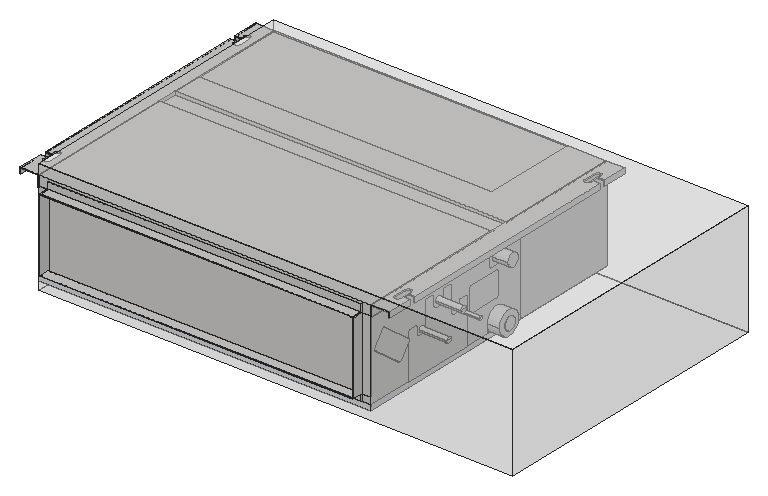
Revit family "outputfile", category 機械設備, Revit 2024
Family settings
  丸型コネクタ寸法 = 半径を使用
  パーツ タイプ = 標準
  OmniClass 番号 = 23.75.10.24.21.27.27
  OmniClass タイトル = Split System Air Conditioning Units
  作業面ベース = いいえ
  常に垂直 = はい
  ロード時にボイドで切り取り = いいえ
  注釈の向きを維持 = いいえ
  共有 = いいえ
  部屋計算ポイント = はい
Parameters (values of type "FPRQ40APVM")
  Description = ""
  書き出し IFC クラス(タイプ) = "IfcUnitaryEquipmentType"
  定義済み IFC タイプ(タイプ) = "AIRCONDITIONINGUNIT"
  Cost = 0
  Type Comments = ""
  Keynote = ""
  Type Image = (empty or 0)
  Assembly Code = ""
  w_RA Duct Size = RA Duct Size Width + 40.0 mm  # 620.0 mm
  r_HP/LP Gas Pipe Size = [HP/LP Gas Pipe Size] / 2  # 4.75 mm
  lw_HP/LP Gas Pipe Size = 60.0 mm  # constant formula
  lh_HP/LP Gas Pipe Size = -103.0 mm
  ld_HP/LP Gas Pipe Size = 131.0 mm
  製造元 = "Daikin"
  モデル = "FPRQ40APVM"
  w_pipe = 33.0 mm
  r_Liquid Pipe Size = Liquid Pipe Size / 2  # 3.2 mm
  r_Gas Pipe Size = Gas Pipe Size / 2  # 6.35 mm
  r_Drain Pipe Size = Drain Pipe Size / 2  # 13.0 mm
  lw_powersupply = 304.0 mm
  lh_suctionflange [instance] = if(Rear Connection_Return Air, 100.0 mm + [h***], 190.0 mm + [h***])  # 100.0 mm
  ld_suctionflange [instance] = if(Rear Connection_Return Air, 190.0 mm, 100.0 mm)  # 190.0 mm
  ld_powersupply = 60.0 mm
  angle_vertical_RA [instance] = if(Rear Connection_Return Air, 90.00°, 0.00°)  # 90.00°
  angle horizontal_RA [instance] = if(Rear Connection_Return Air, 180.00°, 270.00°)  # 180.00°
  Voltage_comment_60Hz = "220-230"
  Voltage_comment_50Hz = "220 - 240"
  Voltage_60Hz = 220 V
  Voltage_50Hz = 230 V
  URL = ""
  Supply Air Direction [instance] = yes
  Sound Power Level_H speed (dB) = 0
  Rear Connection_Return Air [instance] = not(Bottom Connection_Return Air)  # yes
  RA_length = 190.0 mm  # constant formula
  Phase_60Hz = 1
  Phase_50Hz = 1
  Minimum External Static Pressure = 0.00 Pa
  Minimum Circuit Amps_60Hz = 0.6 A
  Minimum Circuit Amps_50Hz = 0.6 A
  Maximum Fuse Amps_60Hz = 16.0 A
  Maximum Fuse Amps_50Hz = 16.0 A
  Maximum External Static Pressure = 40.00 Pa
  Material_Casing = DAIKIN_GalvanizedSteel_Casing_indoorunit
  lw_liquidpipe = 54.5 mm  # constant formula
  lw_gaspipe = 54.5 mm  # constant formula
  lw_mountinghole_pitch = Width + 40.0 mm  # 740.0 mm
  lw_mountinghole = 20.0 mm  # constant formula
  lw_drainpipe = 33.0 mm  # constant formula
  lh_powersupply = 10.0 mm
  lh_liquidpipe = 97.0 mm
  lh_gaspipe = 133.0 mm
  lh_mountinghole = Height + [h***]  # 200.0 mm
  lh_drainpipe = 50.0 mm
  lh_antena = 1.0 mm  # constant formula
  ld_liquidpipe = 221.0 mm  # constant formula
  ld_gaspipe = 176.0 mm  # constant formula
  ld_mountinghole_pitch = 500.0 mm  # constant formula
  ld_drainpipe = 287.0 mm  # constant formula
  ld_controlbox = 626.0 mm  # constant formula
  h*** = 0.0 mm  # constant formula
  d_dischargeflange = 22.2 mm  # constant formula
  Width = 700.0 mm
  Version = "ver.1.0"
  Unit Type = "Compact Moisture Control Ceiling Mounted Duct Type"
  Unit Mass Weight = 24.00 kg
  Unit Designation [instance] = ""
  Uniclass2015Version = "Products v1.30"
  Uniclass2015Title = "Variable refrigerant flow units"
  Uniclass2015Code = "Pr_70_65_03_94"
  Total Cooling Capacity [instance] = 0.000 kW
  Sound Pressure Level_M speed (dBA) = 32
  Sound Pressure Level_L speed (dBA) = 28
  Sound Pressure Level_H speed (dBA) = 36
  Series = "VRV HOME_Fan Coil Unit"
  Sensible Cooling Capacity [instance] = 0.000 kW
  SA Duct Size Width = 660.0 mm
  SA Duct Size Height = 153.0 mm
  Refrigerant Type = "R410A"
  RA Duct Size Width = 580.0 mm
  RA Duct Size Height = 160.0 mm
  Power Input (Cooling) = 0.050 kW
  Option Accessory 3 [instance] = ""
  Option Accessory 2 [instance] = ""
  Option Accessory 1 [instance] = ""
  Nominal Cooling Capacity = 4.500 kW
  Minimum Airflow = 432.00 m³/h
  Median Airflow = 510.00 m³/h
  Maximum Airflow = 600.00 m³/h
  Load Classification = HVAC
  Liquid Pipe Size = 6.4 mm
  Link_Nested Family [instance] = ""
  IfcVersion = ""
  IfcExportType = "AIRCONDITIONINGUNIT"
  IfcExportAs = "IfcUnitaryEquipmentType"
  Height = 200.0 mm
  Heat Exchanger Type = "Cross Fin Coil"
  HP/LP Gas Pipe Size = 9.5 mm
  Gas Pipe Size = 12.7 mm
  Frequency_60Hz = 60 Hz
  Frequency_50Hz = 50 Hz
  Fan Type = "Sirocco Fan"
  Fan Drive = "Direct Drive"
  FCU Tag No. [instance] = ""
  Drain Pipe Size = 26.0 mm
  Design Supply Airflow [instance] = 0.00 m³/h
  Design Return Airflow [instance] = 0.00 m³/h
  Design External Static Pressure [instance] = 0.00 Pa
  Depth = 620.0 mm
  既定の高さ = 0.0 mm
  Cooling Entering Wet Bulb Temperature [instance] = 0.00 °C
  Cooling Entering Dry Bulb Temperature [instance] = 0.00 °C
  Cooling Ambient Wet Bulb Temperature [instance] = 0.00 °C
  Cooling Ambient Dry Bulb Temperature [instance] = 0.00 °C
  Clearance visibility [instance] = yes
  Clearance Top = 20.0 mm
  Clearance Right = 300.0 mm
  Clearance Rear = 0.0 mm
  Clearance Left = 0.0 mm
  Clearance Front = 0.0 mm
  Clearance Bottom = 20.0 mm
  Bottom Connection_Return Air [instance] = no
Reference planes
  plane 1 "Center (Front/Back)": y = 0
  plane 2: z = 0
  plane 3 "Center (Left/Right)": x = 0
  plane 4 "Back": y = 310
  plane 5 "Front": y = -310
  plane 6 "Left": x = -350
  plane 7 "Right": x = 350
  plane 8 "Top": z = 0
  plane 9 "Bottom": z = -200
  plane 10: x = 330
  plane 11: x = -330
  plane 12: z = -190
  plane 13: z = -6
  plane 14: z = -22
  plane 15: z = -103
  plane 16: z = -67
  plane 17: x = -304
  plane 18: x = 304
  plane 19: x = -370
  plane 20: x = 370
  plane 21: y = -250
  plane 22: y = 250
  plane 23: x = -390
  plane 24: x = 390
  plane 25: x = 404.5
  plane 26: x = 404.5
  plane 27: x = 383
  plane 28: z = 0
  plane 29: z = -150
  plane 30 "Clearance Left": x = -350
  plane 31 "Clearance Right": x = 650
  plane 32 "Clearance Rear": y = 310
  plane 33 "Clearance Front": y = -310
  plane 34 "Clearance Top": z = 20
  plane 35 "Clearance Bottom": z = -220
  plane 36: z = -21
  plane 37: z = -50
  plane 38: z = -96.5
  plane 39: x = -40
  plane 40: y = -134
  plane 41: y = -89
  plane 42: y = -30
  plane 43: y = 23
  plane 44: z = -97.5
  plane 45: y = -309
  plane 46: x = -349
  plane 47: z = -100
  plane 48: z = -30
  plane 49: y = 210
  plane 50: z = 301
  plane 51: z = -199
  plane 52: y = 120
  plane 53: z = -101
  plane 54: x = 380
  plane 55: z = 11
  plane 56: z = 102.5
  plane 57: y = -179
Forms (mm)
  Extrusion 1, solid
    sketch origin (0, 0, 0) x (1, 0, 0) y (0, 0, 1)
      loop
        line (-350, -189.537) -> (-350, -200) -> (350, -200) -> (350, -189.537) -> (-350, -189.537)
    from -84 to 310
  Extrusion 2, solid, material "DAIKIN_GalvanizedSteel_Casing_indoorunit" <- "Material_Casing"
    sketch origin (0, 0, 0) x (1, 0, 0) y (0, 1, 0)
      loop
        line (-350, -310) -> (350, -310) -> (350, 310) -> (-350, 310) -> (-350, -310)
    from -200 to 0
  Extrusion 3, void
    sketch origin (0, 0, 1) x (1, 0, 0) y (0, 1, 0)
      loop
        line (-350, 48) -> (-350, 6) -> (350, 6) -> (350, 48) -> (-350, 48)
    from -1 to -7
  Extrusion 4, void
    sketch origin (350, 0, 0) x (0, 1, 0) y (0, 0, 1)
      loop
        line (44.5, -189.537) -> (44.5, -170)
        arc (44.5, -170) -> (20, -145.5) -> (-4.5, -170) r 24.5
        line (-4.5, -170) -> (-4.5, -189.537) -> (44.5, -189.537)
    from -1 to 0
  Revolve 5, solid, material "DAIKIN_GalvanizedSteel_Casing_indoorunit" <- "Material_Casing"
    sketch origin (0, 0, -67) x (0, -1, 0) y (1, 0, 0)
      loop
        line (127.65, 351) -> (134, 351) -> (134, 404.5) -> (127.65, 404.5) -> (127.65, 351)
      axis (134, 351) -> (134, 404.5)
    angle from 0 to 360
  Revolve 6, solid, material "DAIKIN_GalvanizedSteel_Casing_indoorunit" <- "Material_Casing"
    sketch origin (0, 0, -103) x (0, -1, 0) y (1, 0, 0)
      loop
        line (89, 351) -> (89, 404.5) -> (85.8, 404.5) -> (85.8, 351) -> (89, 351)
      axis (89, 404.5) -> (89, 351)
    angle from 0 to 360
  Extrusion 7, solid, material "DAIKIN_GalvanizedSteel_Casing_indoorunit" <- "Material_Casing"
    sketch origin (350, 0, 0) x (0, 1, 0) y (0, 0, 1)
      loop
        circle (23, -50) r 13
    from 0 to 33
  Extrusion 8, solid, material "DAIKIN_GalvanizedSteel_Casing_indoorunit" <- "Material_Casing"
    sketch origin (0, 0, 0) x (1, 0, 0) y (0, 0, 1)
      loop
        line (-350, -189.537) -> (-350, -200) -> (350, -200) -> (350, -189.537) -> (-350, -189.537)
    from -84 to 310
  Extrusion 9, solid, material "DAIKIN_GalvanizedSteel_Casing_indoorunit" <- "Material_Casing", visible <- "Bottom Connection_Return Air"
    sketch origin (0, 0, 0) x (1, 0, 0) y (0, 0, 1)
      loop
        line (269, -200) -> (269, -1) -> (-349, -1) -> (-349, -200) -> (269, -200)
    from -310 to -309
  Extrusion 10, void
    sketch origin (0, 0, 0) x (1, 0, 0) y (0, 0, 1)
      loop
        line (269, 0) -> (-349, 0) -> (-349, -1) -> (269, -1) -> (269, 0)
    from -310 to -111
  Extrusion 11, solid, material "DAIKIN_GalvanizedSteel_Casing_indoorunit" <- "Material_Casing", visible <- "Rear Connection_Return Air"
    sketch origin (0, 0, 0) x (1, 0, 0) y (0, 1, 0)
      loop
        line (-349, 310) -> (-349, 111) -> (269, 111) -> (269, 310) -> (-349, 310)
    from -200 to -199
  Extrusion 12, solid, material "DAIKIN_GalvanizedSteel_Casing_indoorunit" <- "Material_Casing"
    sketch origin (350, 0, 0) x (0, 1, 0) y (0, 0, 1)
      loop
        line (310, -22.445) -> (86.953, -22.445)
        arc (86.953, -22.445) -> (84.831, -23.324) -> (83.953, -25.445) r 3
        line (83.953, -25.445) -> (83.953, -195.005)
        arc (83.953, -195.005) -> (84.831, -197.126) -> (86.953, -198.005) r 3
        line (86.953, -198.005) -> (310, -198.005) -> (310, -22.445)
    from 1 to 0
  Extrusion 13, void
    sketch origin (350, 0, 0) x (0, 1, 0) y (0, 0, 1)
      loop
        arc (38.961, -70.949) -> (42.488, -69.488) -> (43.949, -65.961) r 4.988
        line (43.949, -65.961) -> (43.949, -34.039)
        arc (43.949, -34.039) -> (42.488, -30.512) -> (38.961, -29.051) r 4.988
        line (38.961, -29.051) -> (7.039, -29.051)
        arc (7.039, -29.051) -> (3.512, -30.512) -> (2.051, -34.039) r 4.988
        line (2.051, -34.039) -> (2.051, -65.961)
        arc (2.051, -65.961) -> (3.512, -69.488) -> (7.039, -70.949) r 4.988
        line (7.039, -70.949) -> (38.961, -70.949)
    from 0 to -1
  Extrusion 14, solid, material "DAIKIN_GalvanizedSteel_Casing_indoorunit" <- "Material_Casing"
    sketch origin (350, 0, 0) x (0, 1, 0) y (0, 0, 1)
      loop
        circle (20, -170) r 24.5
    from 27 to -1
  Extrusion 15, solid, material "DAIKIN_GalvanizedSteel_Casing_indoorunit" <- "Material_Casing"
    sketch origin (350, 0, 0) x (0, 1, 0) y (0, 0, 1)
      loop
        circle (20, -170) r 13
    from 30 to 27
  Revolve 16, solid, material "DAIKIN_GalvanizedSteel_Casing_indoorunit" <- "Material_Casing"
    sketch origin (0, -90, -103) x (0, -1, 0) y (1, 0, 0)
      loop
        line (89, 351) -> (89, 410) -> (84.25, 410) -> (84.25, 351) -> (89, 351)
      axis (89, 410) -> (89, 351)
    angle from 0 to 360
  Extrusion 17, solid, material "DAIKIN_GalvanizedSteel_Casing_indoorunit" <- "Material_Casing"
    sketch origin (350, 0, 0) x (0, 1, 0) y (0, 0, 1)
      loop
        line (-211.205, -110.811) -> (-211.205, -106.897) -> (-275.959, -56.305)
        arc (-275.959, -56.305) -> (-277.067, -55.998) -> (-278.067, -56.564) r 1.502
        line (-278.067, -56.564) -> (-301.436, -86.475)
        arc (-301.436, -86.475) -> (-302.05, -88.69) -> (-300.919, -90.691) r 3.003
        line (-300.919, -90.691) -> (-237.814, -139.993)
        arc (-237.814, -139.993) -> (-235.6, -140.607) -> (-233.599, -139.475) r 3.003
        line (-233.599, -139.475) -> (-211.205, -110.811)
      loop
        line (-50.992, -82.409) -> (-50.992, -128.409)
        arc (-50.992, -128.409) -> (-50.114, -130.53) -> (-47.992, -131.409) r 3
        line (-47.992, -131.409) -> (19.012, -131.409)
        arc (19.012, -131.409) -> (21.133, -130.53) -> (22.012, -128.409) r 3
        line (22.012, -128.409) -> (22.012, -82.409)
        arc (22.012, -82.409) -> (21.133, -80.287) -> (19.012, -79.409) r 3
        line (19.012, -79.409) -> (-47.992, -79.409)
        arc (-47.992, -79.409) -> (-50.114, -80.287) -> (-50.992, -82.409) r 3
    from 0 to 1
  Extrusion 18, solid, material "DAIKIN_GalvanizedSteel_Casing_indoorunit" <- "Material_Casing"
    sketch origin (350, 0, 0) x (0, 1, 0) y (0, 0, 1)
      loop
        line (-58.882, -189.537) -> (-58.882, -94.397)
        arc (-58.882, -94.397) -> (-59.762, -92.274) -> (-61.885, -91.394) r 3.003
        line (-61.885, -91.394) -> (-74.026, -91.394)
        arc (-74.026, -91.394) -> (-76.15, -92.274) -> (-77.029, -94.397) r 3.003
        line (-77.029, -94.397) -> (-77.029, -103)
        arc (-77.029, -103) -> (-88.474, -114.959) -> (-100.924, -104.052) r 11.971
        line (-100.924, -104.052) -> (-100.924, -56.159)
        arc (-100.924, -56.159) -> (-101.804, -54.035) -> (-103.927, -53.156) r 3.003
        line (-103.927, -53.156) -> (-116.44, -53.156)
        arc (-116.44, -53.156) -> (-118.563, -54.035) -> (-119.443, -56.159) r 3.003
        line (-119.443, -56.159) -> (-119.443, -67)
        arc (-119.443, -67) -> (-134, -81.557) -> (-148.557, -67) r 14.557
        line (-148.557, -67) -> (-148.557, -56.159)
        arc (-148.557, -56.159) -> (-149.437, -54.035) -> (-151.56, -53.156) r 3.003
        line (-151.56, -53.156) -> (-164.073, -53.156)
        arc (-164.073, -53.156) -> (-166.196, -54.035) -> (-167.076, -56.159) r 3.003
        line (-167.076, -56.159) -> (-167.076, -103)
        arc (-167.076, -103) -> (-179.13, -115.055) -> (-191.185, -103) r 12.055
        line (-191.185, -103) -> (-191.185, -94.397)
        arc (-191.185, -94.397) -> (-192.064, -92.274) -> (-194.188, -91.394) r 3.003
        line (-194.188, -91.394) -> (-208.202, -91.394)
        arc (-208.202, -91.394) -> (-210.325, -92.274) -> (-211.205, -94.397) r 3.003
        line (-211.205, -94.397) -> (-211.205, -189.537) -> (-58.882, -189.537)
    from 0 to 1
Cuts and joins
  Extrusion 3, Extrusion 4, Extrusion 10, Extrusion 13 cuts Extrusion 2
  Extrusion 4 cuts Extrusion 1
  Extrusion 10 cuts Extrusion 8
Dimensions and locks
  "lh_powersupply": plane 12 to plane 9 "Bottom"
  locked: plane 8 "Top" to plane 13 at 6
  "Height": plane 8 "Top" to plane 9 "Bottom"
  equal spacing: plane 17, plane 3 "Center (Left/Right)", plane 18, locked at 304 each
  plane 17 to plane 18 = 608.0 mm
  equal spacing: plane 19, plane 3 "Center (Left/Right)", plane 20
  "lw_mountinghole_pitch": plane 19 to plane 20
  locked: plane 14 to plane 9 "Bottom" at 178
  "lw_mountinghole": plane 23 to plane 19
  "lh_liquidpipe": plane 15 to plane 9 "Bottom"
  "lh_gaspipe": plane 16 to plane 9 "Bottom"
  "lh_mountinghole": plane 28 to plane 9 "Bottom"
  "ld_mountinghole_pitch": plane 22 to plane 21
  equal spacing: plane 6 "Left", plane 3 "Center (Left/Right)", plane 7 "Right"
  "Width": plane 6 "Left" to plane 7 "Right"
  "lh_drainpipe": plane 29 to plane 9 "Bottom"
  "Clearance Right": plane 7 "Right" to plane 31 "Clearance Right"
  "Clearance Left": plane 30 "Clearance Left" to plane 6 "Left"
  "lw_gaspipe": plane 7 "Right" to plane 26
  "lw_liquidpipe": plane 7 "Right" to plane 25
  "lw_drainpipe": plane 7 "Right" to plane 27
  "Clearance Rear": plane 32 "Clearance Rear" to plane 4 "Back"
  "Clearance Front": plane 5 "Front" to plane 33 "Clearance Front"
  "Clearance Top": plane 34 "Clearance Top" to plane 8 "Top"
  "Clearance Bottom": plane 9 "Bottom" to plane 35 "Clearance Bottom"
  "lw_powersupply": plane 3 "Center (Left/Right)" to plane 18
  locked: plane 8 "Top" to plane 36 at 21
  "lh_drainpipe": plane 8 "Top" to plane 37
  locked: plane 38 to plane 9 "Bottom" at 103.5
  locked: plane 36 to plane 44 at 76.5
  "Depth": plane 4 "Back" to plane 5 "Front"
  equal spacing: plane 4 "Back", plane 1 "Center (Front/Back)", plane 5 "Front"
  locked: plane 45 to plane 5 "Front" at 1
  locked: plane 46 to plane 6 "Left" at 1
  Extrusion 9 sketch curve to Extrusion 9 sketch curve = 199.0 mm
  nested 12 to plane 39 = 290.0 mm
  locked: plane 12 to plane 47 at 90
  plane 32 "Clearance Rear" to Extrusion 9 = 1.0 mm
  locked: plane 48 to plane 35 "Clearance Bottom" at 190
  plane 49 to nested 13 = 80.0 mm
  plane 50 to plane 28 = 301.0 mm
  locked: plane 51 to plane 9 "Bottom" at 1
  "ld_suctionflange": plane 4 "Back" to plane 52
  locked: plane 53 to plane 9 "Bottom" at 99
  locked: plane 54 to plane 7 "Right" at 30
  "r_Gas Pipe Size": Revolve 5 sketch curve to Revolve 5 sketch curve
  "ld_gaspipe": plane 40 to plane 5 "Front"
  "r_Liquid Pipe Size": Revolve 6 sketch curve to plane 41
  "ld_liquidpipe": plane 41 to plane 5 "Front"
  "ld_drainpipe": plane 4 "Back" to plane 43
  "r_HP/LP Gas Pipe Size": Revolve 16 sketch curve to plane 57
  "ld_HP/LP Gas Pipe Size": plane 57 to plane 5 "Front"
  plane 8 "Top" to plane 15 = 103.0 mm
  Extrusion 3 sketch curve to plane 5 "Front" = 316.0 mm
  locked: nested 11 to plane 7 "Right" at 19.5
  locked: plane 4 "Back" to nested 11 at 49.2
  locked: plane 7 "Right" to Extrusion 10 sketch curve at 81
  locked: plane 7 "Right" to Extrusion 9 sketch curve at 81
  "ld_gaspipe": Revolve 5 sketch curve to plane 5 "Front"
  plane 8 "Top" to Extrusion 13 sketch curve to Extrusion 13 sketch curve = 29.051 mm locked, 41.898 mm locked
  "r_Drain Pipe Size": radius of Extrusion 7 sketch curve
  aligned and locked: level to plane 2
  aligned and locked: Extrusion 2 to plane 9 "Bottom"
  aligned and locked: plane 8 "Top" to Extrusion 2
  aligned and locked: Revolve 5 sketch curve to Revolve 5 sketch curve
  aligned and locked: cut or joined group of Extrusion 1, Extrusion 4 to plane 9 "Bottom"
  aligned and locked: plane 25 to nested 6
  aligned and locked: nested 6 to plane 15
  aligned and locked: nested 2 to plane 22
  aligned and locked: plane 20 to nested 2
  aligned and locked: plane 20 to nested 3
  aligned and locked: plane 19 to nested 4
  aligned and locked: plane 22 to nested 5
  aligned and locked: nested 5 to plane 22
  aligned and locked: plane 19 to nested 5
  aligned and locked: plane 8 "Top" to nested 1
  aligned and locked: Extrusion 8 to plane 5 "Front"
  aligned and locked: Extrusion 8 to plane 9 "Bottom"
  aligned and locked: nested 7 to plane 16
  aligned and locked: plane 4 "Back" to nested 1
  aligned and locked: plane 40 to nested 7
  aligned and locked: plane 41 to nested 6
  aligned and locked: Extrusion 7 sketch curve to plane 43
  aligned and locked: nested 12 to plane 46
  aligned and locked: plane 4 "Back" to Extrusion 10
  aligned and locked: plane 8 "Top" to Extrusion 3
  aligned and locked: Extrusion 9 to cut or joined group of Extrusion 2, Extrusion 3, Extrusion 4, Extrusion 10, Extrusion 13
  aligned and locked: plane 9 "Bottom" to Extrusion 11  (x2)
  aligned and locked: Extrusion 11 to plane 51
  aligned and locked: plane 4 "Back" to nested 12
  aligned and locked: Extrusion 10 to level
  aligned and locked: plane 31 "Clearance Right" to nested 14
  aligned and locked: plane 30 "Clearance Left" to nested 14
  aligned and locked: nested 14 to plane 33 "Clearance Front"
  aligned and locked: nested 14 to plane 34 "Clearance Top"
  aligned and locked: nested 14 to plane 35 "Clearance Bottom"
  aligned and locked: plane 7 "Right" to Extrusion 12
  aligned and locked: Extrusion 3 to plane 13
  aligned and locked: plane 52 to nested 15
  aligned and locked: nested 8 to plane 37
  aligned and locked: nested 10 to plane 1 "Center (Front/Back)"
  aligned and locked: plane 46 to Extrusion 9
  aligned and locked: nested 12 to plane 51
  aligned and locked: plane 3 "Center (Left/Right)" to nested 10
  aligned and locked: plane 13 to nested 16
  aligned and locked: plane 44 to nested 9
  aligned and locked: level to plane 8 "Top"
  aligned and locked: plane 3 "Center (Left/Right)" to nested 1
  aligned and locked: Extrusion 2 sketch curve to plane 5 "Front"
  aligned and locked: plane 3 "Center (Left/Right)" to nested 16
  aligned and locked: plane 5 "Front" to nested 16
  aligned and locked: nested 9 to plane 5 "Front"
  aligned and locked: plane 41 to Revolve 6 sketch curve  (x2)
  aligned and locked: plane 57 to nested 17
  aligned and locked: plane 57 to Revolve 16 sketch curve  (x2)
  aligned and locked: Revolve 16 sketch curve to nested 17
  aligned and locked: nested 17 to plane 15
  aligned and locked: plane 7 "Right" to nested 7
  aligned and locked: plane 7 "Right" to nested 17
  aligned and locked: Extrusion 11 sketch curve to cut or joined group of Extrusion 2, Extrusion 3, Extrusion 4, Extrusion 10, Extrusion 13  (x2)
  aligned and locked: plane 46 to nested 13
  aligned and locked: plane 7 "Right" to nested 8
  aligned and locked: plane 43 to nested 8
  aligned and locked: nested 11 to plane 9 "Bottom"
  aligned and locked: plane 32 "Clearance Rear" to nested 14
Automatic sketch dimensions
  Extrusion 1 sketch curve to plane 6 "Left" = 0.0 mm
  Extrusion 1 sketch curve to plane 7 "Right" = 0.0 mm
  Extrusion 1 sketch curve to plane 9 "Bottom" = 0.0 mm
  plane 12 to Extrusion 1 sketch curve = 0.463 mm
  Extrusion 2 sketch curve to plane 4 "Back" = 0.0 mm
  Extrusion 2 sketch curve to plane 6 "Left" = 0.0 mm
  Extrusion 2 sketch curve to plane 7 "Right" = 0.0 mm
  Extrusion 3 sketch curve to plane 6 "Left" = 0.0 mm
  Extrusion 3 sketch curve to plane 7 "Right" = 0.0 mm
  plane 43 to Extrusion 3 sketch curve = 25.0 mm
  plane 1 "Center (Front/Back)" to Extrusion 4 sketch curve = 4.5 mm
  Extrusion 4 sketch curve to plane 43 = 3.0 mm
  plane 12 to Extrusion 4 sketch curve = 0.463 mm
  Extrusion 4 sketch curve to Extrusion 4 sketch curve = 19.537 mm
  Revolve 5 sketch curve to plane 25 = 0.0 mm
  plane 7 "Right" to Revolve 5 sketch curve = 1.0 mm
  Revolve 5 sketch curve to plane 39 = 57.997 mm
  plane 25 to Revolve 5 sketch curve = 1.003 mm
  Revolve 6 sketch curve to plane 25 = 0.0 mm  (x2)
  plane 7 "Right" to Revolve 6 sketch curve = 1.0 mm
  Revolve 6 sketch curve to Revolve 6 sketch curve = 0.0 mm
  Extrusion 8 sketch curve to plane 6 "Left" = 0.0 mm
  Extrusion 8 sketch curve to plane 7 "Right" = 0.0 mm
  Extrusion 8 sketch curve to plane 9 "Bottom" = 0.0 mm
  plane 12 to Extrusion 8 sketch curve = 0.463 mm
  plane 46 to Extrusion 9 sketch curve = 0.0 mm
  Extrusion 9 sketch curve to plane 9 "Bottom" = 0.0 mm
  plane 46 to Extrusion 10 sketch curve = 0.0 mm
  Extrusion 10 sketch curve to level = 0.0 mm
  Extrusion 10 sketch curve to level = 1.0 mm
  Extrusion 11 sketch curve to plane 46 = 0.0 mm
  Extrusion 11 sketch curve to plane 4 "Back" = 0.0 mm
  Extrusion 13 sketch curve to plane 1 "Center (Front/Back)" = 2.051 mm
  Extrusion 13 sketch curve to plane 1 "Center (Front/Back)" = 7.039 mm
  Extrusion 13 sketch curve to Extrusion 13 sketch curve = 4.988 mm
  plane 43 to Extrusion 13 sketch curve = 15.961 mm  (x2)
  plane 16 to Extrusion 13 sketch curve = 1.039 mm
  Extrusion 14 sketch curve to plane 43 = 3.0 mm
  plane 12 to Extrusion 14 sketch curve = 20.0 mm
  Extrusion 15 sketch curve to plane 43 = 3.0 mm
  plane 12 to Extrusion 15 sketch curve = 20.0 mm
  plane 45 to Extrusion 17 sketch curve = 7.564 mm
  plane 38 to Extrusion 17 sketch curve = 5.809 mm
  Extrusion 17 sketch curve to Extrusion 17 sketch curve = 0.518 mm  (x2)
  Extrusion 17 sketch curve to Extrusion 17 sketch curve = 2.366 mm  (x3)
  Extrusion 17 sketch curve to plane 37 = 6.564 mm
  Extrusion 17 sketch curve to plane 21 = 28.067 mm
  Extrusion 17 sketch curve to Extrusion 17 sketch curve = 1.183 mm
  Extrusion 17 sketch curve to plane 37 = 6.305 mm
  Extrusion 17 sketch curve to Extrusion 17 sketch curve = 0.924 mm
  plane 21 to Extrusion 17 sketch curve = 12.186 mm
  Extrusion 17 sketch curve to Extrusion 17 sketch curve = 1.849 mm
  plane 29 to Extrusion 17 sketch curve = 10.525 mm
  Extrusion 17 sketch curve to plane 15 = 7.811 mm
  Extrusion 17 sketch curve to plane 57 = 32.205 mm
  Extrusion 17 sketch curve to plane 42 = 20.992 mm
  Extrusion 17 sketch curve to Extrusion 17 sketch curve = 3.0 mm  (x2)
  Extrusion 17 sketch curve to plane 43 = 3.988 mm  (x2)
  Extrusion 17 sketch curve to plane 43 = 0.988 mm
  plane 29 to Extrusion 17 sketch curve = 18.591 mm
  Extrusion 17 sketch curve to plane 15 = 3.897 mm
  plane 38 to Extrusion 17 sketch curve = 14.091 mm
  Extrusion 18 sketch curve to plane 15 = 0.0 mm  (x2)
  Extrusion 18 sketch curve to plane 16 = 0.0 mm  (x3)
  Extrusion 18 sketch curve to plane 41 = 0.0 mm
  Extrusion 18 sketch curve to plane 41 = 11.924 mm  (x2)
  Extrusion 18 sketch curve to plane 15 = 1.052 mm
  Extrusion 18 sketch curve to Extrusion 18 sketch curve = 3.003 mm  (x8)
  Extrusion 18 sketch curve to plane 37 = 3.156 mm  (x2)
  Extrusion 18 sketch curve to Extrusion 18 sketch curve = 12.513 mm  (x2)
  Extrusion 18 sketch curve to plane 37 = 6.159 mm  (x4)
  Extrusion 18 sketch curve to Extrusion 18 sketch curve = 0.0 mm  (x6)
  Extrusion 18 sketch curve to plane 40 = 0.0 mm
  plane 57 to Extrusion 18 sketch curve = 11.924 mm
  Extrusion 18 sketch curve to plane 57 = 0.13 mm
  plane 38 to Extrusion 18 sketch curve = 2.103 mm  (x5)
  Extrusion 18 sketch curve to Extrusion 18 sketch curve = 14.014 mm
  plane 12 to Extrusion 18 sketch curve = 0.463 mm
  Extrusion 18 sketch curve to plane 57 = 32.205 mm
  plane 38 to Extrusion 18 sketch curve = 5.106 mm
  Extrusion 18 sketch curve to Extrusion 18 sketch curve = 12.141 mm
  Extrusion 18 sketch curve to plane 42 = 28.882 mm
  Extrusion 12 sketch curve to plane 4 "Back" = 0.0 mm
  plane 51 to Extrusion 12 sketch curve = 0.995 mm
  Extrusion 12 sketch curve to plane 52 = 33.047 mm  (x2)
  Extrusion 12 sketch curve to plane 14 = 3.445 mm
  Extrusion 12 sketch curve to Extrusion 12 sketch curve = 3.0 mm
  Extrusion 7 sketch curve to plane 37 = 0.0 mm
  Revolve 16 sketch curve to plane 25 = 0.0 mm
  plane 7 "Right" to Revolve 16 sketch curve = 1.0 mm
  Revolve 16 sketch curve to Revolve 16 sketch curve = 0.0 mm
  radius of Extrusion 14 sketch curve = 24.5 mm
  radius of Extrusion 15 sketch curve = 13.0 mm
Nested families
  nested 1: "daikin_hangerfixture_FPRQ-APVM" at (0, 0, 0), type "daikin_hangerfixture_FPRQ-APVM"
  nested 2: "daikin_mountinghole" at (370, 250, -200), l_antenna <- "lh_antena", Link_Nested Family <- "Link_Nested Family", h_mountinghole <- "lh_mountinghole", type "daikin_mountinghole"
    with show yes, l_antenna 1.0 mm, h_mountinghole 200.0 mm, Link_Nested Family ""
  nested 3: "daikin_mountinghole" at (370, -250, -200), Link_Nested Family <- "Link_Nested Family", l_antenna <- "lh_antena", h_mountinghole <- "lh_mountinghole", type "daikin_mountinghole"
    with show yes, l_antenna 1.0 mm, h_mountinghole 200.0 mm, Link_Nested Family ""
  nested 4: "daikin_mountinghole" at (-370, -250, -200), l_antenna <- "lh_antena", Link_Nested Family <- "Link_Nested Family", h_mountinghole <- "lh_mountinghole", type "daikin_mountinghole"
    with show yes, l_antenna 1.0 mm, h_mountinghole 200.0 mm, Link_Nested Family ""
  nested 5: "daikin_mountinghole" at (-370, 250, -200), l_antenna <- "lh_antena", Link_Nested Family <- "Link_Nested Family", h_mountinghole <- "lh_mountinghole", type "daikin_mountinghole"
    with show yes, l_antenna 1.0 mm, h_mountinghole 200.0 mm, Link_Nested Family ""
  nested 6: "daikin_connector_rotate2" at (350, -89, -103) x (0, 1, 0) z (0, 0, 1), length <- "lw_liquidpipe", built-in parameter 1001364 <- "lh_liquidpipe", radius <- "r_Liquid Pipe Size", type "daikin_connector_rotate2"
    with radius 3.2 mm, length 54.5 mm, angle_vertical 90.00°
  nested 7: "daikin_connector_rotate2" at (350, -134, -67) x (0, 1, 0) z (0, 0, 1), length <- "lw_gaspipe", built-in parameter 1001364 <- "lh_gaspipe", radius <- "r_Gas Pipe Size", type "daikin_connector_rotate2"
    with radius 6.35 mm, length 54.5 mm, angle_vertical 90.00°
  nested 8: "daikin_connector_rotate2" at (350, 23, -50) x (0, 1, 0) z (0, 0, 1), built-in parameter 1001364 <- "lh_drainpipe", radius <- "r_Drain Pipe Size", length <- "lw_drainpipe", type "daikin_connector_rotate2"
    with radius 13.0 mm, length 33.0 mm, angle_vertical 90.00°
  nested 9: "daikin_connector_rotate2" at (0, -310, -97.5), length <- "d_dischargeflange", type "daikin_connector_rotate2"
    with radius 10.0 mm, length 22.2 mm, angle_vertical 90.00°
  nested 10: "daikin_△_symbolicline" at (-75, -129.904, 200) x (-0.5, 0.866, 0) z (0, 0, 1), built-in parameter 1001364 <- "Height", visible <- "Supply Air Direction", type "daikin_△_symbolicline"
    with length 300.0 mm
  nested 11: "daikin_connector_rotate2" at (330.5, 260.8, -140) x (-1, 0, 0) z (0, 0, 1), type "daikin_connector_rotate2"
    with radius 10.0 mm, length 60.0 mm, angle_vertical 0.00°
  nested 12: "daikin_ductflange_FPRQ-APVM_2" at (-40, 310, -100), material <- "Material_Casing", visible <- "Rear Connection_Return Air", height <- "RA Duct Size Height", width <- "w_RA Duct Size", type "daikin_ductflange_FPRQ-APVM_2"
    with width 620.0 mm, material DAIKIN_GalvanizedSteel_Casing_indoorunit, height 160.0 mm, depth 21.2 mm
  nested 13: "daikin_ductflange_FPRQ-APVM_2" at (-40, 210, -200) x (1, 0, 0) z (0, 1, 0), material <- "Material_Casing", visible <- "Bottom Connection_Return Air", width <- "w_RA Duct Size", height <- "RA Duct Size Height", type "daikin_ductflange_FPRQ-APVM_2"
    with width 620.0 mm, material DAIKIN_GalvanizedSteel_Casing_indoorunit, height 160.0 mm, depth 21.2 mm
  nested 14: "daikin_clearancespace" at (150, 0, -99.881), visible <- "Clearance visibility", show <- "Clearance visibility", Link_Nested Family <- "Link_Nested Family", type "daikin_clearancespace"
    with width 1000.0 mm, show yes, height 240.0 mm, depth 620.0 mm, Link_Nested Family ""
  nested 15: "daikin_connector_rotate3" at (-40, 120, -100), built-in parameter 1001364 <- "lh_suctionflange", angle_vertical <- "angle_vertical_RA", angle_horizontal <- "angle horizontal_RA", length <- "RA_length", type "daikin_connector_rotate3"
    with show no, radius 10.0 mm, length 190.0 mm, angle_vertical 90.00°, angle_horizontal 180.00°
  nested 16: "daikin_ductflange_FPRQ-APVM_1" at (0, 3.5, -364.201), width <- "SA Duct Size Width", type "daikin_ductflange_FPRQ-APVM_1"
    with width 660.0 mm, material DAIKIN_GalvanizedSteel_Casing_indoorunit, height 155.0 mm, depth 22.2 mm
  nested 17: "daikin_connector_rotate2" at (350, -179, -103) x (0, 1, 0) z (0, 0, 1), length <- "lw_HP/LP Gas Pipe Size", built-in parameter 1001364 <- "lh_HP/LP Gas Pipe Size", radius <- "r_HP/LP Gas Pipe Size", type "daikin_connector_rotate2"
    with radius 4.75 mm, length 60.0 mm, angle_vertical 90.00°
Connectors
  piping at (404.5, -134, -67), diameter 12.7, driven by "r_Gas Pipe Size"
    settings: on nested 7, index 1, connector inside diameter 609.6 mm, connector length 0.0 mm, flow factor 0, pipe flow 0.00 m³/h, pressure drop 0.0 Pa, fitting loss kfactor 0, connector angle 0.00°, fixture units 0, engagement length 0.0 mm, angle of deflection 0.00°, flow configuration 1, flow direction 2, fitting loss method 0, system type 29, joint type 0, gender type 0, connector reference index -1, connector utility 0, adjustable connector no, is connector primary yes, connector description "Refrigerant Gas Piping"
  piping at (404.5, -89, -103), diameter 6.4, driven by "r_Liquid Pipe Size"
    settings: on nested 6, index 2, connector inside diameter 609.6 mm, connector length 0.0 mm, flow factor 0, pipe flow 0.00 m³/h, pressure drop 0.0 Pa, fitting loss kfactor 0, connector angle 0.00°, fixture units 0, engagement length 0.0 mm, angle of deflection 0.00°, flow configuration 1, flow direction 1, fitting loss method 0, system type 29, joint type 0, gender type 0, connector reference index -1, connector utility 0, adjustable connector no, is connector primary no, connector description "Refrigerant Liquid Piping"
  piping at (383, 23, -50), diameter 26, driven by "r_Drain Pipe Size"
    settings: on nested 8, index 3, connector inside diameter 609.6 mm, connector length 0.0 mm, flow factor 0, pipe flow 0.00 m³/h, pressure drop 0.0 Pa, fitting loss kfactor 0, connector angle 0.00°, fixture units 0, engagement length 0.0 mm, angle of deflection 0.00°, flow configuration 1, flow direction 2, fitting loss method 4, system type 16, joint type 0, gender type 0, connector reference index -1, connector utility 0, adjustable connector no, is connector primary no, connector description "Condensate Drain Piping"
  electrical at (330.5, 260.8, -200), driven by "Load Classification"
    settings: on nested 11, index 9, voltage 0 V, apparent load 0 VA, apparent load phase1 0 VA, apparent load phase2 0 VA, apparent load phase3 0 VA, power factor 1, load classification "HVAC", number of poles 1, system type 30, power factor state 1, is connector primary yes, connector utility no, sub classification motor no, connector description "Power Supply"
  hvac at (0, -332.2, -97.5), driven by "SA Duct Size Height", driven by "SA Duct Size Width"
    settings: on nested 9, index 11, duct flow 0.00 m³/h, flow factor 0, pres drop 0.00 Pa, loss coef 0, conn angle 0.00°, conn width 660.0 mm, conn height 153.0 mm, conn diameter 609.6 mm, duct sys type 1, conn prof type 1, flow config 0, flow direction 2, loss method 4, conn ref index -1, conn util no, is conn primary yes, conn desc "SA Duct"
  hvac at (-40, 310, -100), driven by "RA Duct Size Height", driven by "RA Duct Size Width"
    settings: on nested 15, index 12, duct flow 0.00 m³/h, flow factor 0, pres drop 0.00 Pa, loss coef 0, conn angle 0.00°, conn width 580.0 mm, conn height 160.0 mm, conn diameter 609.6 mm, duct sys type 2, conn prof type 1, flow config 0, flow direction 1, loss method 4, conn ref index -1, conn util no, is conn primary no, conn desc "RA Duct"
  piping at (404.5, -134, -67), diameter 12.7, driven by "r_Gas Pipe Size"
    settings: on nested 7, index 13, connector inside diameter 609.6 mm, connector length 0.0 mm, flow factor 0, pipe flow 0.00 m³/h, pressure drop 0.0 Pa, fitting loss kfactor 0, connector angle 0.00°, fixture units 0, engagement length 0.0 mm, angle of deflection 0.00°, flow configuration 1, flow direction 2, fitting loss method 0, system type 29, joint type 0, gender type 0, connector reference index -1, connector utility 0, adjustable connector no, is connector primary no, connector description "Refrigerant Gas Piping"
  piping at (410, -179, -103), diameter 9.5, driven by "r_HP/LP Gas Pipe Size"
    settings: on nested 17, index 14, connector inside diameter 609.6 mm, connector length 0.0 mm, flow factor 0, pipe flow 0.00 m³/h, pressure drop 0.0 Pa, fitting loss kfactor 0, connector angle 0.00°, fixture units 0, engagement length 0.0 mm, angle of deflection 0.00°, flow configuration 1, flow direction 0, fitting loss method 0, system type 29, joint type 0, gender type 0, connector reference index -1, connector utility 0, adjustable connector no, is connector primary no, connector description "Refrigerant HP/LP Gas Piping"
Definition of nested family "daikin_hangerfixture_FPRQ-APVM"
  Parameters (values of type "daikin_hangerfixture_FXDQ-PDVT4")
    width = 700.0 mm
    material = none
    height = 65.0 mm
    depth = 620.0 mm
    Default Elevation = 0.0 mm
  Reference planes
    plane 1 "Center (Front/Back)": y = 0
    plane 2: z = 0
    plane 3 "Center (Left/Right)": x = 0
    plane 4: x = 350
    plane 5: y = 310
    plane 6: y = -310
    plane 7: x = -350
  Forms (mm)
    Extrusion 1, solid, material <- "material"
      sketch origin (0, 0, 0) x (1, 0, 0) y (0, 0, 1)
        loop
          line (350, 0) -> (350, -24.477) -> (351.56, -22.917) -> (351.56, -1.56) -> (387.944, -1.56) -> (387.944, -11.312) -> (389.504, -11.312) -> (389.504, 0) -> (350, 0)
      from -310 to 310
    Extrusion 2, void
      sketch origin (0, 0, 0) x (0, 1, 0) y (0, 0, 1)
        loop
          line (310, -30) -> (310, -17.979) -> (87.935, -17.979) -> (75.914, -30) -> (310, -30)
      from 0 to 618
    Extrusion 3, void
      sketch origin (0, 0, 0) x (1, 0, 0) y (0, 1, 0)
        loop
          line (390, -243.5) -> (377, -243.5) -> (377, -237)
          arc (377, -237) -> (370, -230) -> (363, -237) r 7
          line (363, -237) -> (363, -263)
          arc (363, -263) -> (370, -270) -> (377, -263) r 7
          line (377, -263) -> (377, -256.5) -> (390, -256.5) -> (390, -243.5)
        loop
          line (390, 243.5) -> (390, 256.5) -> (377, 256.5) -> (377, 263)
          arc (377, 263) -> (370, 270) -> (363, 263) r 7
          line (363, 263) -> (363, 237)
          arc (363, 237) -> (370, 230) -> (377, 237) r 7
          line (377, 237) -> (377, 243.5) -> (390, 243.5)
      from -254.96 to 618
    Extrusion 4, solid, material <- "material"
      sketch origin (0, 0, 0) x (-1, 0, 0) y (0, 0, -1)
        loop
          line (350, 0) -> (389.504, 0) -> (389.504, 11.312) -> (387.944, 11.312) -> (387.944, 1.56) -> (351.56, 1.56) -> (351.56, 22.917) -> (350, 24.477) -> (350, 0)
      from -310 to 310
    Extrusion 5, void
      sketch origin (0, 0, 0) x (-1, 0, 0) y (0, -1, 0)
        loop
          line (390, 243.5) -> (390, 256.5) -> (377, 256.5) -> (377, 263)
          arc (377, 263) -> (370, 270) -> (363, 263) r 7
          line (363, 263) -> (363, 237)
          arc (363, 237) -> (370, 230) -> (377, 237) r 7
          line (377, 237) -> (377, 243.5) -> (390, 243.5)
        loop
          line (390, -243.5) -> (377, -243.5) -> (377, -237)
          arc (377, -237) -> (370, -230) -> (363, -237) r 7
          line (363, -237) -> (363, -263)
          arc (363, -263) -> (370, -270) -> (377, -263) r 7
          line (377, -263) -> (377, -256.5) -> (390, -256.5) -> (390, -243.5)
      from -254.96 to 618
  Cuts and joins
    Extrusion 2, Extrusion 3, Extrusion 5 cuts Extrusion 1
    Extrusion 5 cuts Extrusion 4
  Dimensions and locks
    equal spacing: plane 5, plane 1 "Center (Front/Back)", plane 6
    "depth": plane 5 to plane 6
    plane 6 to plane 1 "Center (Front/Back)" to plane 5 = 310.0 mm, 310.0 mm
    locked: Extrusion 1 sketch curve to plane 4 at 1.56
    locked: level to Extrusion 1 sketch curve at 1.56
    locked: Extrusion 1 sketch curve to plane 4 at 39.504
    locked: level to Extrusion 1 sketch curve at 11.312
    locked: Extrusion 1 sketch curve to Extrusion 1 sketch curve at 1.56
    locked: level to Extrusion 1 sketch curve at 24.477
    equal spacing: plane 7, plane 3 "Center (Left/Right)", plane 4
    "width": plane 7 to plane 4
    locked: plane 7 to Extrusion 4 sketch curve at 1.56
    locked: level to Extrusion 4 sketch curve at 11.312
    locked: plane 7 to Extrusion 4 sketch curve at 39.504
    locked: Extrusion 4 sketch curve to Extrusion 4 sketch curve at 1.56
    locked: plane 2 to Extrusion 4 sketch curve at 1.56
    locked: plane 2 to Extrusion 4 sketch curve at 24.477
    locked: Extrusion 5 sketch curve to plane 7 at 13
    aligned and locked: level to plane 2
    aligned and locked: plane 5 to Extrusion 1
    aligned and locked: Extrusion 1 to plane 6
    aligned and locked: Extrusion 1 to plane 4
    aligned and locked: plane 5 to cut or joined group of Extrusion 1, Extrusion 2, Extrusion 3, Extrusion 5
    aligned and locked: cut or joined group of Extrusion 1, Extrusion 2, Extrusion 3, Extrusion 5 to plane 6
    aligned and locked: level to cut or joined group of Extrusion 1, Extrusion 2, Extrusion 3, Extrusion 5
    aligned and locked: plane 5 to cut or joined group of Extrusion 4, Extrusion 5
    aligned and locked: cut or joined group of Extrusion 4, Extrusion 5 to plane 6
    aligned and locked: Extrusion 1 sketch curve to level
    aligned and locked: Extrusion 4 sketch curve to plane 7
    aligned and locked: plane 2 to Extrusion 4 sketch curve
  Automatic sketch dimensions
    Extrusion 2 sketch curve to plane 5 = 0.0 mm
    Extrusion 2 sketch curve to level = 17.979 mm
    Extrusion 2 sketch curve to plane 1 "Center (Front/Back)" = 87.935 mm
    Extrusion 2 sketch curve to level = 30.0 mm
    Extrusion 2 sketch curve to Extrusion 2 sketch curve = 12.021 mm
    plane 4 to Extrusion 3 sketch curve = 13.0 mm  (x2)
    Extrusion 3 sketch curve to Extrusion 3 sketch curve = 7.0 mm  (x4)
    Extrusion 3 sketch curve to Extrusion 3 sketch curve = 13.0 mm  (x4)
    plane 6 to Extrusion 3 sketch curve = 47.0 mm
    Extrusion 3 sketch curve to Extrusion 3 sketch curve = 6.5 mm  (x4)
    Extrusion 3 sketch curve to plane 5 = 73.0 mm
    Extrusion 5 sketch curve to plane 5 = 73.0 mm
    plane 6 to Extrusion 5 sketch curve = 73.0 mm
    Extrusion 5 sketch curve to Extrusion 5 sketch curve = 7.0 mm  (x4)
    Extrusion 5 sketch curve to Extrusion 5 sketch curve = 13.0 mm  (x4)
    Extrusion 5 sketch curve to Extrusion 5 sketch curve = 6.5 mm  (x4)
    Extrusion 1 sketch curve to plane 4 = 0.0 mm
    Extrusion 1 sketch curve to Extrusion 1 sketch curve = 1.56 mm
    Extrusion 4 sketch curve to Extrusion 4 sketch curve = 1.56 mm
    Extrusion 5 sketch curve to plane 7 = 13.0 mm
Definition of nested family "daikin_ductflange_FPRQ-APVM_2"
  Parameters (values of type "daikin_ductflange_FPRQ-APVM_2")
    width [instance] = 620.0 mm
    material [instance] = none
    height [instance] = 160.0 mm
    depth [instance] = 21.2 mm
    Default Elevation = 0.0 mm
  Reference planes
    plane 1 "Center (Front/Back)": y = 0
    plane 2: z = 0
    plane 3 "Center (Left/Right)": x = 0
    plane 4: y = -313.5
    plane 5: y = -334.7
    plane 6: x = -310
    plane 7: x = 310
    plane 8: z = 80
    plane 9: z = -80
    plane 10: z = 100
    plane 11: z = -100
    plane 12: x = -309
    plane 13: x = 309
  Forms (mm)
    Extrusion 1, solid, material <- "material"
      sketch origin (0, 0, 0) x (1, 0, 0) y (0, 0, 1)
        loop
          line (-290, 80) -> (-290, -80) -> (290, -80) -> (290, 80) -> (-290, 80)
        loop
          line (-309, -99) -> (309, -99) -> (309, 99) -> (-309, 99) -> (-309, -99)
      from 0 to 1
  Dimensions and locks
    plane 4 to plane 1 "Center (Front/Back)" = 313.5 mm
    "depth": plane 5 to plane 4
    equal spacing: plane 7, plane 3 "Center (Left/Right)", plane 6, locked at 310 each
    "width": plane 7 to plane 6
    equal spacing: plane 8, level, plane 9
    "height": plane 8 to plane 9
    equal spacing: plane 10, level, plane 11, locked at 100 each
    locked: plane 10 to plane 11 at 200
    plane 12 to plane 6 = 1.0 mm
    locked: plane 7 to plane 13 at 1
    Extrusion 1 sketch curve to Extrusion 1 sketch curve = 19.0 mm  (x4)
    locked: plane 10 to Extrusion 1 sketch curve at 1
    locked: Extrusion 1 sketch curve to plane 11 at 1
    aligned and locked: level to plane 2
    aligned and locked: plane 8 to Extrusion 1
    aligned and locked: plane 9 to Extrusion 1
  Automatic sketch dimensions
    plane 6 to Extrusion 1 sketch curve = 1.0 mm
    Extrusion 1 sketch curve to plane 7 = 1.0 mm
Definition of nested family "daikin_clearancespace"
  Parameters (values of type "daikin_clearancespace")
    Description = "daikin_clearancespace"
    width [instance] = 1823.963 mm
    show [instance] = yes
    material = none
    height [instance] = 1359.762 mm
    depth [instance] = 880.0 mm
    Default Elevation = 0.0 mm
    Link_Nested Family [instance] = ""
  Reference planes
    plane 1 "Center (Front/Back)": y = 0
    plane 2 "Center (Elevation)": z = -0.119
    plane 3 "Center (Left/Right)": x = 0
    plane 4: y = 440
    plane 5: y = -440
    plane 6 "Right": x = 911.982
    plane 7 "Left": x = -911.982
    plane 8 "Top": z = 679.762
    plane 9 "Bottom": z = -680
  Forms (mm)
    Extrusion 1, solid, material <- "material", visible <- "show"
      sketch origin (0, 0, 0) x (1, 0, 0) y (0, 1, 0)
        loop
          line (-911.982, 440) -> (-911.982, -440) -> (911.982, -440) -> (911.982, 440) -> (-911.982, 440)
      from -680 to 679.762
  Lines and regions (mm)
    symbolic lines, visible <- "show"
      curve 1: line (911.982, 440, 0) -> (-911.982, 440, 0)
      curve 2: line (-911.982, 440, 0) -> (-911.982, -440, 0)
      curve 3: line (-911.982, -440, 0) -> (911.982, -440, 0)
      curve 4: line (911.982, -440, 0) -> (911.982, 440, 0)
      curve 5: line (911.982, 0, 679.762) -> (-911.982, 0, 679.762)
      curve 6: line (911.982, 0, -680) -> (911.982, 0, 679.762)
      curve 7: line (-911.982, 0, -680) -> (911.982, 0, -680)
      curve 8: line (-911.982, 0, 679.762) -> (-911.982, 0, -680)
      curve 9: line (0, 440, 679.762) -> (0, -440, 679.762)
      curve 10: line (0, -440, 679.762) -> (0, -440, -680)
      curve 11: line (0, 440, -680) -> (0, 440, 679.762)
      curve 12: line (0, -440, -680) -> (0, 440, -680)
  Dimensions and locks
    "width": plane 7 "Left" to plane 6 "Right"
    "depth": plane 4 to plane 5
    "height": plane 8 "Top" to plane 9 "Bottom"
    equal spacing: plane 7 "Left", plane 3 "Center (Left/Right)", plane 6 "Right"
    equal spacing: plane 4, plane 1 "Center (Front/Back)", plane 5
    equal spacing: plane 8 "Top", plane 2 "Center (Elevation)", plane 9 "Bottom"
    aligned and locked: level to plane 2 "Center (Elevation)"
    aligned and locked: Extrusion 1 sketch curve to plane 4
    aligned and locked: plane 7 "Left" to Extrusion 1 sketch curve
    aligned and locked: Extrusion 1 sketch curve to plane 5
    aligned and locked: Extrusion 1 sketch curve to plane 6 "Right"
    aligned and locked: plane 8 "Top" to Extrusion 1
    aligned and locked: curve 1 to Extrusion 1
    aligned and locked: curve 2 to Extrusion 1
    aligned and locked: curve 3 to Extrusion 1
    aligned and locked: curve 4 to Extrusion 1
    aligned and locked: curve 5 to Extrusion 1
    aligned and locked: curve 6 to Extrusion 1
    aligned and locked: curve 7 to Extrusion 1
    aligned and locked: curve 8 to Extrusion 1
    aligned and locked: curve 9 to Extrusion 1
    aligned and locked: curve 10 to Extrusion 1
    aligned and locked: curve 11 to Extrusion 1
    aligned and locked: curve 12 to Extrusion 1
    aligned and locked: Extrusion 1 to plane 9 "Bottom"
Definition of nested family "daikin_ductflange_FPRQ-APVM_1"
  Parameters (values of type "daikin_ductflange_FXDQ-PDVT4_1")
    width [instance] = 660.0 mm
    material [instance] = none
    height [instance] = 155.0 mm
    depth [instance] = 22.2 mm
    Default Elevation = 0.0 mm
  Reference planes
    plane 1 "Center (Front/Back)": y = 0
    plane 2: z = 189.201
    plane 3 "Center (Left/Right)": x = 0
    plane 4: y = -313.5
    plane 5: x = -330
    plane 6: x = 330
    plane 7: y = -335.7
    plane 8: z = 344.201
    plane 9: z = 266.701
    plane 10: z = 343.201
    plane 11: z = 190.201
  Forms (mm)
    Extrusion 1, solid, material <- "material"
      sketch origin (0, 0, 189.201) x (1, 0, 0) y (0, 1, 0)
        loop
          line (-330, -335.7) -> (-330, -313.5) -> (-350, -313.5) -> (-350, -314.5) -> (-331, -314.5) -> (-331, -335.7) -> (-330, -335.7)
        loop
          line (330, -335.7) -> (331, -335.7) -> (331, -314.5) -> (350, -314.5) -> (350, -313.5) -> (330, -313.5) -> (330, -335.7)
      from 1 to 154
    Extrusion 2, solid, material <- "material"
      sketch origin (0, 0, 0) x (0, 1, 0) y (0, 0, 1)
        loop
          line (-313.5, 343.201) -> (-313.5, 358.201) -> (-314.5, 358.201) -> (-314.5, 344.201) -> (-335.7, 344.201) -> (-335.7, 343.201) -> (-313.5, 343.201)
        loop
          line (-313.5, 190.201) -> (-335.7, 190.201) -> (-335.7, 189.201) -> (-314.5, 189.201) -> (-314.5, 175.201) -> (-313.5, 175.201) -> (-313.5, 190.201)
      from -330 to 330
  Dimensions and locks
    plane 4 to plane 1 "Center (Front/Back)" = 313.5 mm
    "depth": plane 7 to plane 4
    equal spacing: plane 8, plane 9, level
    "height": plane 8 to level
    equal spacing: plane 6, plane 3 "Center (Left/Right)", plane 5
    "width": plane 6 to plane 5
    locked: plane 8 to plane 10 at 1
    locked: plane 11 to level at 1
    locked: Extrusion 1 to Extrusion 2 sketch curve at 1
    locked: Extrusion 2 sketch curve to Extrusion 1 at 1
    locked: Extrusion 1 sketch curve to Extrusion 1 sketch curve at 1  (x2)
    locked: Extrusion 1 sketch curve to plane 5 at 20
    locked: plane 6 to Extrusion 1 sketch curve at 20
    aligned and locked: level to plane 2
    aligned and locked: plane 4 to Extrusion 1  (x2)
    aligned and locked: plane 5 to Extrusion 1
    aligned and locked: Extrusion 1 to plane 7  (x2)
    aligned and locked: Extrusion 1 to plane 6
    aligned and locked: Extrusion 1 to plane 10
    aligned and locked: Extrusion 1 to plane 11
    aligned and locked: plane 10 to Extrusion 1
    aligned and locked: plane 11 to Extrusion 1
    aligned and locked: Extrusion 2 to plane 5
    aligned and locked: plane 5 to Extrusion 2
    aligned and locked: plane 6 to Extrusion 2
    aligned and locked: Extrusion 2 to plane 6
    aligned and locked: Extrusion 2 to plane 11
    aligned and locked: Extrusion 2 to plane 10
  Automatic sketch dimensions
    Extrusion 1 sketch curve to plane 4 = 0.0 mm  (x2)
    Extrusion 1 sketch curve to plane 7 = 0.0 mm  (x2)
    Extrusion 1 sketch curve to plane 5 = 0.0 mm
    Extrusion 1 sketch curve to plane 5 = 1.0 mm
    plane 6 to Extrusion 1 sketch curve = 1.0 mm
    Extrusion 2 sketch curve to plane 7 = 0.0 mm  (x2)
    Extrusion 2 sketch curve to plane 4 = 0.0 mm  (x2)
    Extrusion 2 sketch curve to plane 11 = 0.0 mm
    Extrusion 2 sketch curve to plane 10 = 0.0 mm
    Extrusion 2 sketch curve to plane 4 = 1.0 mm  (x2)
    Extrusion 2 sketch curve to level = 14.0 mm
    plane 8 to Extrusion 2 sketch curve = 14.0 mm
    Extrusion 1 sketch curve to plane 6 = 0.0 mm
Definition of nested family "daikin_mountinghole"
  Parameters (values of type "daikin_mountinghole")
    Default Elevation = 1219.2 mm
    Type Comments = "mountinghole"
    show [instance] = yes
    material = none
    l_centerline = 100.0 mm
    l_antenna [instance] = 100.0 mm
    h_mountinghole [instance] = 0.0 mm
    d_circle = 30.0 mm
    Link_Nested Family [instance] = ""
  Reference planes
    plane 1 "Center (Front/Back)": y = 0
    plane 2: z = 0
    plane 3 "Center (Left/Right)": x = 0
    plane 4: y = 50
    plane 5: x = -50
    plane 6: x = 50
    plane 7: y = -50
    plane 8 "h_mountinghole": z = 0
    plane 9: z = 100
  Lines and regions (mm)
    model lines, detail levels fine
      curve 1: circle (0, 0, 0) r 15 normal (0, 0, 1)
      curve 2: line (-50, 0, 0) -> (50, 0, 0)
      curve 3: line (0, 50, 0) -> (0, -50, 0)
    symbolic lines, detail levels fine
      curve 4: circle (0, 0, 0) r 15 normal (0, 0, 1)
      curve 5: line (-50, 0, 0) -> (50, 0, 0)
      curve 6: line (0, 50, 0) -> (0, -50, 0)
    model lines
      curve 7: line (0, 0, 100) -> (0, 0, 0)
  Dimensions and locks
    equal spacing: plane 4, plane 1 "Center (Front/Back)", plane 7
    "l_centerline": plane 4 to plane 7
    equal spacing: plane 5, plane 3 "Center (Left/Right)", plane 6
    "l_centerline": plane 5 to plane 6
    "l_antenna": plane 9 to plane 8 "h_mountinghole"
    "h_mountinghole": plane 8 "h_mountinghole" to plane 2
    "d_circle": diameter of curve 1
    "d_circle": diameter of curve 4
    aligned and locked: level to plane 2
    aligned and locked: plane 1 "Center (Front/Back)" to curve 1
    aligned and locked: plane 3 "Center (Left/Right)" to curve 1
    aligned and locked: plane 1 "Center (Front/Back)" to curve 2
    aligned and locked: curve 3 to plane 3 "Center (Left/Right)"
    aligned and locked: plane 6 to curve 2
    aligned and locked: plane 5 to curve 2
    aligned and locked: plane 4 to curve 3
    aligned and locked: plane 7 to curve 3
    aligned and locked: plane 1 "Center (Front/Back)" to curve 4
    aligned and locked: plane 3 "Center (Left/Right)" to curve 4
    aligned and locked: plane 6 to curve 5
    aligned and locked: plane 5 to curve 5
    aligned and locked: plane 1 "Center (Front/Back)" to curve 5
    aligned and locked: plane 4 to curve 6
    aligned and locked: plane 7 to curve 6
    aligned and locked: curve 6 to plane 3 "Center (Left/Right)"
    aligned and locked: curve 7 to plane 3 "Center (Left/Right)"
    aligned and locked: plane 9 to curve 7
    aligned and locked: plane 8 "h_mountinghole" to curve 7
Definition of nested family "daikin_connector_rotate2"
  Parameters (values of type "daikin_connector_rotate2")
    show_face = no
    radius [instance] = 10.0 mm
    length [instance] = 600.0 mm
    d_surface = 10.0 mm
    angle_vertical [instance] = 90.00°
    Default Elevation = 0.0 mm
  Reference planes
    plane 1 "Center (Front/Back)": y = 0
    plane 2: z = 0
    plane 3 "Center (Left/Right)": x = 0
  Forms (mm)
    Extrusion 1, solid, visible <- "show_face"
      sketch origin (0, -600, 0) x (1, 0, 0) y (0, 0, 1)
        loop
          circle (0, 0) r 10
      from 0 to -10
  Lines and regions (mm)
    reference lines
      curve 1: line (0, 0, 0) -> (0, -600, 0)
    symbolic lines
      curve 2: circle (0, 0, 0) r 5 normal (0, 0, 1)
    model lines, visible <- "show_face"
      curve 3: line (0, 0, 0) -> (0, -600, 0)
  Dimensions and locks
    "length": curve 1 to curve 1
    "length": curve 3 to curve 3
    "d_surface": Extrusion 1 to Extrusion 1
    "radius": radius of Extrusion 1 sketch curve
    "angle_vertical": angle curve 1 to plane 1 "Center (Front/Back)"
    "angle_vertical": angle curve 3 to plane 1 "Center (Front/Back)"
    aligned and locked: level to plane 2
    aligned and locked: plane 1 "Center (Front/Back)" to curve 1
    aligned and locked: plane 2 to curve 1
    aligned and locked: plane 1 "Center (Front/Back)" to curve 2
    aligned and locked: plane 3 "Center (Left/Right)" to curve 2
    aligned and locked: plane 1 "Center (Front/Back)" to curve 3
    aligned and locked: plane 2 to curve 3
    aligned and locked: Extrusion 1 to Extrusion 1
  Automatic sketch dimensions
    Extrusion 1 sketch curve to level = 0.0 mm
    Extrusion 1 sketch curve to plane 3 "Center (Left/Right)" = 0.0 mm
    radius of curve 2 = 5.0 mm
Definition of nested family "daikin_△_symbolicline"
  Parameters (values of type "daikin_△_symbolicline")
    length [instance] = 500.0 mm
    Default Elevation = 0.0 mm
  Reference planes
    plane 1 "Center (Front/Back)": y = 0
    plane 2: z = 0
    plane 3 "Center (Left/Right)": x = 0
  Lines and regions (mm)
    symbolic lines
      curve 1: line (0, -433.013, 0) -> (250, 0, 0)
      curve 2: line (250, 0, 0) -> (-250, 0, 0)
      curve 3: line (-250, 0, 0) -> (0, -433.013, 0)
  Dimensions and locks
    equal spacing: curve 3, plane 3 "Center (Left/Right)", curve 2
    "length": curve 3 to curve 2
    "length": curve 3 to curve 3
    "length": curve 1 to curve 1
    aligned and locked: level to plane 2
    aligned and locked: curve 2 to plane 1 "Center (Front/Back)"
    aligned and locked: plane 3 "Center (Left/Right)" to curve 3
Definition of nested family "daikin_connector_rotate3"
  Parameters (values of type "daikin_connector_rotate3")
    Default Elevation = 0.0 mm
    show [instance] = no
    radius [instance] = 10.0 mm
    length [instance] = 600.0 mm
    angle_horizontal [instance] = 60.00°
    angle_vertical [instance] = 90.00°
  Reference planes
    plane 1 "Center (Front/Back)": y = 0
    plane 2: z = 0
    plane 3 "Center (Left/Right)": x = 0
  Dimensions and locks
    "angle_horizontal": angle plane 3 "Center (Left/Right)" to nested 1
    aligned and locked: level to plane 2
    aligned and locked: plane 1 "Center (Front/Back)" to nested 1  (x2)
    aligned and locked: plane 3 "Center (Left/Right)" to nested 1
  Nested families
    nested 1: "daikin_connector_rotate2" at (0, 0, 0) x (0.5, 0.866, 0) z (0, 0, 1), angle_vertical <- "angle_vertical", length <- "length", radius <- "radius", type "daikin_connector_rotate2"
      with radius 10.0 mm, length 600.0 mm, angle_vertical 90.00°, show_face no
  Definition of nested family "daikin_connector_rotate2"
    Parameters (values of type "daikin_connector_rotate2")
      show_face = yes
      radius [instance] = 10.0 mm
      length [instance] = 600.0 mm
      d_surface = 10.0 mm
      angle_vertical [instance] = 90.00°
      Default Elevation = 0.0 mm
    Reference planes
      plane 1 "Center (Front/Back)": y = 0
      plane 2: z = 0
      plane 3 "Center (Left/Right)": x = 0
    Forms (mm)
      Extrusion 1, solid, visible <- "show_face"
        sketch origin (0, -600, 0) x (1, 0, 0) y (0, 0, 1)
          loop
            circle (0, 0) r 10
        from 0 to -10
    Lines and regions (mm)
      reference lines
        curve 1: line (0, 0, 0) -> (0, -600, 0)
      symbolic lines
        curve 2: circle (0, 0, 0) r 5 normal (0, 0, 1)
      model lines, visible <- "show_face"
        curve 3: line (0, 0, 0) -> (0, -600, 0)
    Dimensions and locks
      "length": curve 1 to curve 1
      "length": curve 3 to curve 3
      "d_surface": Extrusion 1 to Extrusion 1
      "radius": radius of Extrusion 1 sketch curve
      "angle_vertical": angle curve 1 to plane 1 "Center (Front/Back)"
      "angle_vertical": angle curve 3 to plane 1 "Center (Front/Back)"
      aligned and locked: level to plane 2
      aligned and locked: plane 1 "Center (Front/Back)" to curve 1
      aligned and locked: plane 2 to curve 1
      aligned and locked: plane 1 "Center (Front/Back)" to curve 2
      aligned and locked: plane 3 "Center (Left/Right)" to curve 2
      aligned and locked: plane 1 "Center (Front/Back)" to curve 3
      aligned and locked: plane 2 to curve 3
      aligned and locked: Extrusion 1 to Extrusion 1
    Automatic sketch dimensions
      Extrusion 1 sketch curve to level = 0.0 mm
      Extrusion 1 sketch curve to plane 3 "Center (Left/Right)" = 0.0 mm
      radius of curve 2 = 5.0 mm
